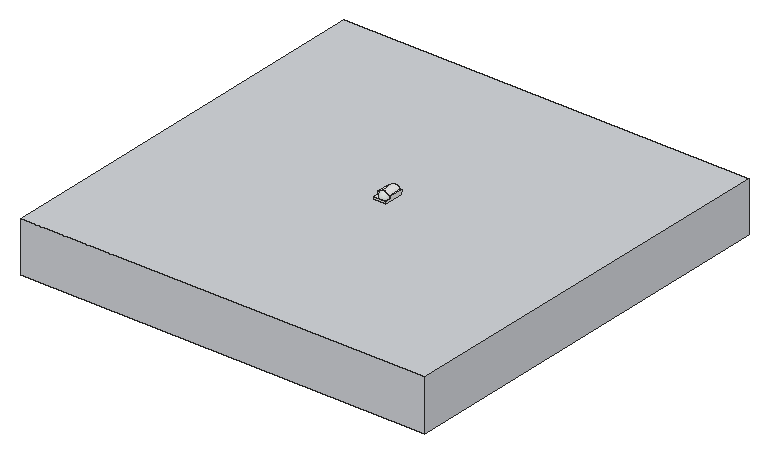
Revit family "Bticino_Lighting_Management_Standalone_Motion_Sensor_140D_Wall", category Dispositifs d'éclairage, Revit 2020
Family settings
  Hôte = Face
  Conserver l'orientation des annotations = Oui
  Cote de connecteur circulaire = Utiliser le diamètre
  Type d'élément = Normal
  Couper avec des vides une fois chargée = Non
  Partagée = Non
  Point de calcul de pièce = Non
Parameters
  Voltage type = "AC"
  URL = "http://www.legrandoc.com/BMSA1104"
  Temperature (MIN) (°C) = -5
  Temperature (MAX) (°C) = 45
  Suitable for wireless transmission = "no"
  Substation input = "no"
  Response value sensitivity adjustable = "no"
  Response value luminosity adjustable = "yes"
  Response value luminosity (MIN) (lx) = 5
  Response value luminosity (MAX) (lx) = 1275
  Remote operation = "no"
  RAL-number (akin) = "9003"
  Product ID = "BMSA1104"
  Nominal voltage (V) = "230"
  Mounting method = "Surface mounted (plaster)"
  Model = "Movement sensor"
  Min. switch-on time (s) = "10"
  Maximum mounting height (m) = "2.5"
  Max. switching power (W) = 1000
  Max. starting current (A) = "4.3"
  Max. duty cycle (mn) = "10"
  Label [instance] = no
  Indication distance [instance] = 8 mm
  Image du type = PH5.jpg
  HVAC-control = "no"
  General Conditions of Use = "https://export.legrand.com/en/terms-of-use-BIM-objects"
  Frequency (MIN) (Hz) = 50
  Frequency (MAX) (Hz) = 60
  Forced switch off = "no"
  Fabricant = "BTICINO"
  Elévation par défaut = 2500 mm
  ETIM-5.0 Class = "EC000133"
  Dim function with dimmer basic element = "no"
  Detection zone [instance] = no
  Detection angle horizontal (MIN) (°) = 0
  Detection angle horizontal (MAX) (°) = 360
  Description = "PIR MOTION SENSOR 140D WALL SURFACE MOUNT IP42 BLISTER"
  Degree of protection (IP) = "IP42"
  Constant light control = "yes"
  Colour = "White"
  Code d'assemblage = "D5010200"
  Alarm function = "no"
Reference planes
  plane 1 "Centre (avant/arrière)": y = 0
  plane 2: z = 0
  plane 3 "Centre (gauche/droite)": x = 0
Forms (mm)
  Extrusion 1, solid
    sketch origin (0, 0, 0) x (1, 0, 0) y (0, 1, 0)
      loop
        line (-1219.2, 1219.2) -> (-1219.2, -1219.2) -> (1219.2, -1219.2) -> (1219.2, 1219.2) -> (-1219.2, 1219.2)
    from 0 to -304.8
Dimensions and locks
  aligned and locked: plane 2 to Extrusion 1
  aligned and locked: level to Extrusion 1
Nested families
  nested 1: "048942" at (0, 0, 0), type "048942"
  nested 2: "Zone de detection 8mx8m- plan" at (0, 0, 0) x (0, 0, 1) z (0, -1, 0), visible <- "Detection zone", type "Zone de detection 8mx8m- plan"
  nested 3: "Symbole D" at (0, 23.5, 0), type "Symbole D"
  nested 4: "Détection 140° EN" at (0, 204.765, 0), visible <- "Label", Indication distance <- "Indication distance", type "Détection 140° EN"
    with Indication distance 8 mm
Connectors
  electrical at (0, 21, 0)
    settings: on nested 1, index 1, voltage 230 V, apparent load 0 VA, apparent load phase1 0 VA, apparent load phase2 0 VA, apparent load phase3 0 VA, power factor 1, load classification "Autre", number of poles 1, system type 31, power factor state 1, is connector primary yes, connector utility no, sub classification motor no, connector description ""
Definition of nested family "048942"
  Parameters (values of type "048942")
    built-in parameter 1140140 [instance] = 1 (stored number, unit not read)
    Default Elevation = 0 mm
    built-in parameter 1140142 [instance] = -1
    built-in parameter 1155100 [instance] = -1
  Reference planes
    plane 1 "Centre (avant/arrière)": y = 0
    plane 2: z = 0
    plane 3 "Centre (gauche/droite)": x = 0
  Forms (mm)
    Revolve 1, solid
      sketch origin (0, -33.5, 10) x (1, 0, 0) y (0, 1, 0)
        loop
          arc (-30.39, 33.5) -> (-19.963, 14.957) -> (0, 7.605) r 30.78
          line (0, 7.605) -> (0, 33.5) -> (-30.39, 33.5)
        axis (0, 33.5) -> (0, 7.605)
      angle from -180 to 0
    Extrusion 2, solid
      sketch origin (0, -33.5, 0) x (0, 0, -1) y (0, 1, 0)
        loop
          line (-26.058, 114) -> (-26.058, 33.5) -> (-10, 33.5) -> (-10, 0) -> (0, 0) -> (0, 109) -> (-15.894, 109) -> (-15.894, 114) -> (-26.058, 114)
      from -38.5 to 38.5
    Extrusion 3, solid
      sketch origin (0, -33.5, 0) x (1, 0, 0) y (0, 0, -1)
        loop
          arc (-28.129, -26.058) -> (0, -42.39) -> (28.129, -26.058) r 32.39
          line (28.129, -26.058) -> (-28.129, -26.058)
      from 33.5 to 114
  Cuts and joins
    joined: Extrusion 2, Extrusion 3
  Dimensions and locks
    aligned and locked: level to plane 2
Definition of nested family "Zone de detection 8mx8m- plan"
  Reference planes
    plane 1 "Centre (avant/arrière)": y = 0
    plane 2: z = 0
    plane 3 "Centre (gauche/droite)": x = 0
  Lines and regions (mm)
    detail lines, in view "Niveau de réf."
      curve 1: line (0, 0, 0) -> (721.302, 3710.78, 0)
      curve 2: arc (721.302, 3710.78, 0) -> (2441.116, 3995.524, 0) -> (4177.517, 3841.424, 0) r 6919.682
      curve 3: arc (4177.517, 3841.424, 0) -> (5129.358, 3552.591, 0) -> (6023.197, 3116.154, 0) r 6238.805
      curve 4: arc (7539.88, 1630.18, 0) -> (6874.01, 2467.549, 0) -> (6023.197, 3116.154, 0) r 4331.154
      curve 5: arc (7539.88, 1630.18, 0) -> (7881.502, 846.673, 0) -> (7998.686, 0, 0) r 3133.455
      curve 6: line (0, 0, 0) -> (721.302, -3710.78, 0)
      curve 7: arc (721.302, -3710.78, 0) -> (2441.116, -3995.524, 0) -> (4177.517, -3841.424, 0) r 6919.682
      curve 8: arc (4177.517, -3841.424, 0) -> (5129.358, -3552.591, 0) -> (6023.197, -3116.154, 0) r 6238.805
      curve 9: arc (7539.88, -1630.18, 0) -> (6874.01, -2467.549, 0) -> (6023.197, -3116.154, 0) r 4331.154
      curve 10: arc (7539.88, -1630.18, 0) -> (7881.502, -846.673, 0) -> (7998.686, 0, 0) r 3133.455
Definition of nested family "Symbole D"
  Reference planes
    plane 1: y = 0
    plane 2: x = 0
  Lines and regions (mm)
    detail lines
      curve 1: spline (0.481, 2.356, 0) -> (0.429, 2.16, 0) -> (0.363, 1.989, 0) -> (0.285, 1.851, 0) -> (0.199, 1.748, 0) -> (0.106, 1.685, 0) -> (0.01, 1.664, 0) -> (-0.085, 1.685, 0) -> (-0.178, 1.748, 0) -> (-0.264, 1.851, 0) -> (-0.342, 1.989, 0) -> (-0.408, 2.16, 0) -> (-0.46, 2.356, 0)
      curve 2: arc (0.821, 3.072, 0) -> (-0.004, 3.293, 0) -> (-0.828, 3.072, 0) r 1.643
      curve 3: arc (-0.64, 2.774, 0) -> (0.004, 2.96, 0) -> (0.648, 2.774, 0) r 1.213
      curve 4: arc (-1.023, 3.436, 0) -> (0.005, 3.717, 0) -> (1.032, 3.436, 0) r 2.018
      curve 5: line (-1.042, 0.262, 0) -> (1.042, 0.262, 0)
      curve 6: arc (-0.945, 0.262, 0) -> (0, 1.008, 0) -> (0.945, 0.262, 0) r 0.972
      curve 7: line (-1.042, 0.262, 0) -> (-1.042, 0, 0)
      curve 8: line (-1.042, 0, 0) -> (1.042, 0, 0)
      curve 9: line (1.042, 0, 0) -> (1.042, 0.262, 0)
  Text (mm)
    text "IR" at (0.939, 0.64, 0)
  Dimensions and locks
    aligned and locked: plane 2 to curve 6
    aligned and locked: plane 1 to curve 8
Definition of nested family "Détection 140° EN"
  Parameters (values of type "Détection 140° EN")
    Indication distance [instance] = 0 mm
  Reference planes
    plane 1: y = 0
    plane 2: x = 0
  Text (mm)
    label "140°, Indication distancem front detection at 2.5m height" at (-0.885, 0.234, 0), shows "Indication distance"
